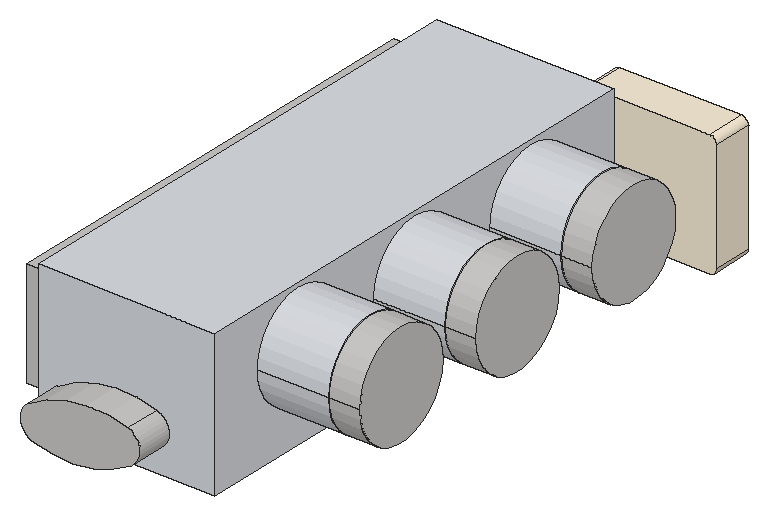
Revit family "HVAC_Ductwork_Airzone_Motorized-Plenum_Mitsubishi-Electric_Low-Profile_3-Dampers", category Mechanical Equipment, Revit 2016
Family settings
  Part Type = Normal
  Round Connector Dimension = Use Diameter
  OmniClass Number = 23.75.70.14
  OmniClass Title = Air Ductwork
  Work Plane-Based = No
  Always vertical = Yes
  Cut with Voids When Loaded = No
  Shared = No
  Room Calculation Point = No
Parameters (values of type "MELSL01S3")
  Voltage = 230 V
  URL = "www.airzone.es"
  Type Image Comments = "Image available in product documentation download"  # constant formula
  Revit Model Version = "1.0"  # constant formula
  Revit Model Author URL = "www.a3d.es"
  Revit Model Author = "A3D Consulting"  # constant formula
  Product Documentation Download URL = "http://doc.airzone.es/BIM/Easyzone/Mitsubishi_Electric-Airzone_motorized_plenum.zip"
  Product Comments = "Refer to technical documentation for further details"  # constant formula
  Power Factor = 1
  Neck Width = 663.600 mm
  Neck Length = 40.000 mm
  Neck Height = 153.600 mm
  Material = Metal - AIRZONE - Galvanized Sheet - Semi-polished
  Main Control Board Material = Plastic - AIRZONE - Smooth - Off-white
  Load Classification = Other
  Insulated Body Width = 255.000 mm  # constant formula
  Insulated Body Material = Metal -AIRZONE - Insulating Lining -Aluminum Finish
  Insulated Body Length = 720.000 mm  # constant formula
  Insulated Body Height = 210.000 mm  # constant formula
  Flow [instance] = Damper 3 Air Flow + Damper 2 Air Flow + Damper 1 Air Flow - Fresh Air Inlet 2 Flow - Fresh Air Inlet 1 Flow  # 900 m³/h
  Fresh Air Inlet 1 Flow [instance] = 0 m³/h
  Fresh Air Inlet 2 Flow [instance] = 0 m³/h
  Fresh Air Inlet Connection Width = 175.000 mm
  Fresh Air Inlet Connection Height = 75.000 mm
  Model = "MEISL01S3"
  Neck Side Offset = 28.200 mm
  Neck Bottom Offset = 30.200 mm
  Type Image = <None>
  Manufacturer = "AIRZONE"  # constant formula
  Main Control Board Depth = 57.000 mm  # constant formula
  Main Control Board Width = 195.000 mm  # constant formula
  Main Control Board Height = 180.000 mm  # constant formula
  Fixing = ""
  Disclaimer = "All information provided in this model is reviewed before being published. However, Airzone cannot guarantee this model is error-free, therefore users are strongly encouraged to check for technical documentation and updates"  # constant formula
  Description = "Airzone low profile motorized plenum with neck that mechanically adapts to the main ducted AC units of Mitsubishi Electric."
  Type Comments = ""
  Dampers Length = 149.000 mm  # constant formula
  Dampers Diameter = 150.000 mm  # constant formula
  Damper 1 Air Flow [instance] = 300 m³/h
  Damper 2 Air Flow [instance] = 300 m³/h
  Damper 3 Air Flow [instance] = 300 m³/h
  Fresh Air Inlet Connection Offset Height = 48.305 mm  # constant formula
  Compatible Accesories = ""
  Apparent Load = 57.5 VA
Reference planes
  plane 1 "Center (Front/Back)": y = 0
  plane 2 "Center (Elevation)": z = 0
  plane 3 "Center (Left/Right)": x = 0
  plane 4 "Neck Back": y = 331.8
  plane 5 "Neck Front": y = -331.8
  plane 6 "Neck Top": z = 76.8
  plane 7 "Neck Bottom": z = -76.8
  plane 8 "Left": x = 40
  plane 9 "Bottom": z = -107
  plane 10 "Top": z = 103
  plane 11 "Front": y = -360
  plane 12 "Back": y = 360
  plane 13 "Right": x = 295
  plane 14 "Dampers Front": x = 444
  plane 15 "Dampers Center (Elevation)": z = 23
  plane 16 "Damper3": y = -210
  plane 17 "Damper2": y = 0
  plane 18 "Damper1": y = 210
  plane 19 "Middle": y = 0
  plane 20 "FreshAir Center (Elevation)": z = -58.695
  plane 21 "FreshAir1": y = 412.5
  plane 22 "FreshAir2": y = -412.5
  plane 23 "Dampers Lining": x = 399
  plane 24 "FreshAir Vertical Axis": x = 142.04
  plane 25 "ConnectionBox Side": x = 249
  plane 26 "Main Control Board Center (Left/Right)": x = 346.5
Forms (mm)
  Extrusion 1, solid, material "Metal - AIRZONE - Galvanized Sheet - Semi-polished" <- "Material"
    sketch origin (0, 0, 0) x (0, 1, 0) y (0, 0, 1)
      loop
        line (-331.8, 76.8) -> (-331.8, -76.8) -> (331.8, -76.8) -> (331.8, 76.8) -> (-331.8, 76.8)
    from 0 to 40
  Extrusion 2, solid, material "Metal -AIRZONE - Insulating Lining -Aluminum Finish" <- "Insulated Body Material"
    sketch origin (40, 0, 0) x (0, 1, 0) y (0, 0, 1)
      loop
        line (-360, 103) -> (-360, -107) -> (360, -107) -> (360, 103) -> (-360, 103)
    from 0 to 255
  Extrusion 3, solid, material "Metal - AIRZONE - Galvanized Sheet - Semi-polished" <- "Material"
    sketch origin (295, 0, 0) x (0, 1, 0) y (0, 0, 1)
      loop
        circle (-210, 23) r 75
    from 104 to 149
  Extrusion 4, solid, material "Metal - AIRZONE - Galvanized Sheet - Semi-polished" <- "Material"
    sketch origin (295, 0, 0) x (0, 1, 0) y (0, 0, 1)
      loop
        circle (0, 23) r 75
    from 104 to 149
  Extrusion 5, solid, material "Metal - AIRZONE - Galvanized Sheet - Semi-polished" <- "Material"
    sketch origin (295, 0, 0) x (0, 1, 0) y (0, 0, 1)
      loop
        circle (210, 23) r 75
    from 104 to 149
  Extrusion 6, solid, material "Metal - AIRZONE - Galvanized Sheet - Semi-polished" <- "Material"
    sketch origin (0, -360, 0) x (0, 0, 1) y (1, 0, 0)
      loop
        arc (-26.141, 211.414) -> (-47.608, 228.315) -> (-72.312, 216.644) r 25.96
        arc (-72.312, 216.644) -> (-98.302, 146.808) -> (-90.849, 72.666) r 164.67
        arc (-90.849, 72.666) -> (-69.665, 55.799) -> (-44.994, 66.961) r 25.96
        arc (-44.994, 66.961) -> (-18.725, 136.99) -> (-26.141, 211.414) r 164.67
    from 0 to -52.5
  Extrusion 7, solid, material "Metal - AIRZONE - Galvanized Sheet - Semi-polished" <- "Material"
    sketch origin (0, 360, 0) x (0, 0, 1) y (1, 0, 0)
      loop
        arc (-26.141, 211.414) -> (-47.325, 228.281) -> (-71.996, 217.119) r 25.96
        arc (-71.996, 217.119) -> (-98.179, 147.74) -> (-91.267, 73.909) r 164.67
        arc (-91.267, 73.909) -> (-70.032, 55.847) -> (-44.678, 67.436) r 25.96
        arc (-44.678, 67.436) -> (-18.688, 137.272) -> (-26.141, 211.414) r 164.67
    from 0 to 52.5
  Extrusion 8, solid, material "Metal -AIRZONE - Insulating Lining -Aluminum Finish" <- "Insulated Body Material"
    sketch origin (295, 0, 0) x (0, 1, 0) y (0, 0, 1)
      loop
        circle (210, 23) r 75
    from 0 to 104
  Extrusion 9, solid, material "Metal -AIRZONE - Insulating Lining -Aluminum Finish" <- "Insulated Body Material"
    sketch origin (295, -260, 0) x (0, 1, 0) y (0, 0, 1)
      loop
        circle (260, 23) r 75
    from 0 to 104
  Extrusion 10, solid, material "Metal -AIRZONE - Insulating Lining -Aluminum Finish" <- "Insulated Body Material"
    sketch origin (295, -520, 0) x (0, 1, 0) y (0, 0, 1)
      loop
        circle (310, 23) r 75
    from 0 to 104
Lines and regions (mm)
  Masking region 1
    outline origin (0, 0, 0) x (1, 0, 0) y (0, 1, 0)
      loop
        line (40, 360) -> (40, -360) -> (295, -360) -> (295, 360) -> (40, 360)
  Masking region 2, detail levels medium+fine
    outline origin (0, 0, 0) x (1, 0, 0) y (0, 1, 0)
      loop
        line (0, 331.8) -> (0, -331.8) -> (40, -331.8) -> (40, 331.8) -> (0, 331.8)
  Masking region 3, detail levels medium+fine
    outline origin (0, 0, 0) x (1, 0, 0) y (0, 1, 0)
      loop
        line (295, -135) -> (295, -285) -> (444, -285) -> (444, -135) -> (295, -135)
  Masking region 4, detail levels medium+fine
    outline origin (0, 260, 0) x (1, 0, 0) y (0, 1, 0)
      loop
        line (295, -185) -> (295, -335) -> (444, -335) -> (444, -185) -> (295, -185)
  Masking region 5, detail levels medium+fine
    outline origin (0, 520, 0) x (1, 0, 0) y (0, 1, 0)
      loop
        line (295, -235) -> (295, -385) -> (444, -385) -> (444, -235) -> (295, -235)
  Masking region 6, detail levels medium+fine
    outline origin (0, 0, -58.695) x (1, 0, 0) y (0, 1, 0)
      loop
        line (54.54, 412.5) -> (54.54, 360) -> (229.54, 360) -> (229.54, 412.5) -> (54.54, 412.5)
  Masking region 7, detail levels medium+fine
    outline origin (0, 0, -58.695) x (1, 0, 0) y (0, 1, 0)
      loop
        line (54.54, -360) -> (54.54, -412.5) -> (229.54, -412.5) -> (229.54, -360) -> (54.54, -360)
  Masking region 8, detail levels medium+fine
    outline origin (0, 0, 103) x (0, -1, 0) y (1, 0, 0)
      loop
        line (-417, 249) -> (-360, 249) -> (-360, 444) -> (-417, 444) -> (-417, 249)
  symbolic lines, detail levels coarse
    curve 1: line (40, -360, 0) -> (295, 0, 0)
    curve 2: line (295, 0, 0) -> (40, 360, 0)
Dimensions and locks
  equal spacing: plane 4 "Neck Back", plane 1 "Center (Front/Back)", plane 5 "Neck Front"
  "Neck Width": plane 4 "Neck Back" to plane 5 "Neck Front"
  equal spacing: plane 6 "Neck Top", level, plane 7 "Neck Bottom"
  "Neck Height": plane 6 "Neck Top" to plane 7 "Neck Bottom"
  "Neck Length": plane 3 "Center (Left/Right)" to plane 8 "Left"
  "Neck Bottom Offset": plane 7 "Neck Bottom" to plane 9 "Bottom"
  "Insulated Body Height": plane 10 "Top" to plane 9 "Bottom"
  "Insulated Body Length": plane 12 "Back" to plane 11 "Front"
  "Insulated Body Width": plane 8 "Left" to plane 13 "Right"
  "Dampers Length": plane 13 "Right" to plane 14 "Dampers Front"
  plane 18 "Damper1" to plane 17 "Damper2" to plane 16 "Damper3" = 210.000 mm locked, 210.000 mm locked
  equal spacing: plane 12 "Back", plane 19 "Middle", plane 11 "Front"
  plane 8 "Left" to plane 13 "Right" = 255.000 mm
  "Fresh Air Inlet Connection Offset Height": plane 20 "FreshAir Center (Elevation)" to plane 9 "Bottom"
  locked: Extrusion 6 sketch curve to plane 9 "Bottom" at 56.47
  locked: Extrusion 6 sketch curve to plane 8 "Left" at 162.52
  locked: Extrusion 6 sketch curve to plane 8 "Left" at 41.56
  locked: Extrusion 6 sketch curve to plane 9 "Bottom" at 40.54
  locked: Extrusion 6 sketch curve to plane 8 "Left" at 118.3
  locked: plane 9 "Bottom" to Extrusion 6 sketch curve at 75.01
  locked: Extrusion 6 sketch curve to plane 8 "Left" at 85.78
  locked: Extrusion 6 sketch curve to plane 9 "Bottom" at 172.02
  locked: Extrusion 7 sketch curve to plane 8 "Left" at 162.52
  locked: Extrusion 7 sketch curve to plane 9 "Bottom" at 56.47
  locked: Extrusion 7 sketch curve to plane 9 "Bottom" at 40.54
  locked: Extrusion 7 sketch curve to plane 8 "Left" at 41.56
  locked: Extrusion 7 sketch curve to plane 8 "Left" at 85.78
  locked: Extrusion 7 sketch curve to plane 9 "Bottom" at 172.02
  locked: plane 9 "Bottom" to Extrusion 7 sketch curve at 75.01
  locked: Extrusion 7 sketch curve to plane 8 "Left" at 118.3
  "Neck Side Offset": plane 12 "Back" to plane 4 "Neck Back"
  equal spacing: plane 12 "Back", plane 17 "Damper2", plane 11 "Front"
  locked: plane 21 "FreshAir1" to plane 12 "Back" at 52.5
  plane 11 "Front" to plane 22 "FreshAir2" = 52.500 mm
  locked: connector elem to plane 24 "FreshAir Vertical Axis"  (x2)
  locked: plane 20 "FreshAir Center (Elevation)" to connector elem at 0
  locked: connector elem to plane 20 "FreshAir Center (Elevation)"
  locked: plane 23 "Dampers Lining" to plane 14 "Dampers Front" at 45
  locked: plane 8 "Left" to plane 24 "FreshAir Vertical Axis" at 102.04
  equal spacing: Masking region 3 sketch curve, plane 16 "Damper3", Masking region 3 sketch curve
  "Dampers Diameter": Masking region 3 sketch curve to Masking region 3 sketch curve
  equal spacing: Masking region 4 sketch curve, plane 17 "Damper2", Masking region 4 sketch curve
  "Dampers Diameter": Masking region 4 sketch curve to Masking region 4 sketch curve
  equal spacing: Masking region 5 sketch curve, plane 18 "Damper1", Masking region 5 sketch curve
  "Dampers Diameter": Masking region 5 sketch curve to Masking region 5 sketch curve
  equal spacing: Masking region 6 sketch curve, plane 24 "FreshAir Vertical Axis", Masking region 6 sketch curve
  "Fresh Air Inlet Connection Width": Masking region 6 sketch curve to Masking region 6 sketch curve
  equal spacing: Masking region 7 sketch curve, plane 24 "FreshAir Vertical Axis", Masking region 7 sketch curve
  "Fresh Air Inlet Connection Width": Masking region 7 sketch curve to Masking region 7 sketch curve
  "Main Control Board Depth": Masking region 8 sketch curve to plane 12 "Back"
  "Main Control Board Width": plane 25 "ConnectionBox Side" to plane 14 "Dampers Front"
  equal spacing: plane 25 "ConnectionBox Side", plane 26 "Main Control Board Center (Left/Right)", plane 14 "Dampers Front"
  locked: nested 1 to plane 10 "Top" at 10
  locked: plane 10 "Top" to plane 15 "Dampers Center (Elevation)" at 80
  "Dampers Diameter": diameter of Extrusion 3 sketch curve
  "Dampers Diameter": diameter of Extrusion 4 sketch curve
  "Dampers Diameter": diameter of Extrusion 5 sketch curve
  radius of Extrusion 7 sketch curve = 164.670 mm  (x2)
  radius of Extrusion 7 sketch curve = 25.960 mm  (x2)
  radius of Extrusion 6 sketch curve = 164.670 mm  (x2)
  radius of Extrusion 6 sketch curve = 25.960 mm  (x2)
  "Dampers Diameter": diameter of Extrusion 8 sketch curve
  "Dampers Diameter": diameter of Extrusion 9 sketch curve
  "Dampers Diameter": diameter of Extrusion 10 sketch curve
  aligned and locked: level to plane 2 "Center (Elevation)"
  aligned and locked: plane 5 "Neck Front" to Extrusion 1 sketch curve
  aligned and locked: Extrusion 1 sketch curve to plane 6 "Neck Top"
  aligned and locked: Extrusion 1 sketch curve to plane 4 "Neck Back"
  aligned and locked: plane 7 "Neck Bottom" to Extrusion 1 sketch curve
  aligned and locked: Extrusion 1 to plane 3 "Center (Left/Right)"
  aligned and locked: Extrusion 2 sketch curve to plane 10 "Top"
  aligned and locked: Extrusion 2 sketch curve to plane 12 "Back"
  aligned and locked: plane 9 "Bottom" to Extrusion 2 sketch curve
  aligned and locked: plane 11 "Front" to Extrusion 2 sketch curve
  aligned and locked: plane 13 "Right" to Extrusion 2
  aligned and locked: Extrusion 2 to plane 8 "Left"
  aligned and locked: plane 16 "Damper3" to Extrusion 3 sketch curve
  aligned and locked: plane 15 "Dampers Center (Elevation)" to Extrusion 3 sketch curve
  aligned and locked: plane 17 "Damper2" to Extrusion 4 sketch curve
  aligned and locked: plane 15 "Dampers Center (Elevation)" to Extrusion 4 sketch curve
  aligned and locked: plane 18 "Damper1" to Extrusion 5 sketch curve
  aligned and locked: plane 15 "Dampers Center (Elevation)" to Extrusion 5 sketch curve
  aligned and locked: plane 14 "Dampers Front" to Extrusion 5
  aligned and locked: plane 14 "Dampers Front" to Extrusion 4
  aligned and locked: plane 14 "Dampers Front" to Extrusion 3
  aligned and locked: plane 8 "Left" to Extrusion 1
  aligned and locked: plane 22 "FreshAir2" to Extrusion 6
  aligned and locked: plane 21 "FreshAir1" to Extrusion 7
  aligned and locked: Extrusion 7 to plane 12 "Back"
  aligned and locked: plane 11 "Front" to Extrusion 6
  aligned and locked: Extrusion 5 to plane 23 "Dampers Lining"
  aligned and locked: Extrusion 5 to Extrusion 4
  aligned and locked: Extrusion 4 to Extrusion 3
  aligned and locked: plane 23 "Dampers Lining" to Extrusion 8
  aligned and locked: Extrusion 10 to plane 13 "Right"
  aligned and locked: plane 23 "Dampers Lining" to Extrusion 10
  aligned and locked: Extrusion 9 to plane 13 "Right"
  aligned and locked: plane 23 "Dampers Lining" to Extrusion 9
  aligned and locked: Extrusion 8 to plane 13 "Right"
  aligned and locked: Extrusion 9 to Extrusion 8
  aligned and locked: plane 18 "Damper1" to Extrusion 8 sketch curve
  aligned and locked: plane 15 "Dampers Center (Elevation)" to Extrusion 8 sketch curve
  aligned and locked: plane 17 "Damper2" to Extrusion 9 sketch curve
  aligned and locked: plane 15 "Dampers Center (Elevation)" to Extrusion 9 sketch curve
  aligned and locked: plane 16 "Damper3" to Extrusion 10 sketch curve
  aligned and locked: plane 15 "Dampers Center (Elevation)" to Extrusion 10 sketch curve
  aligned and locked: Masking region 1 sketch curve to plane 12 "Back"
  aligned and locked: plane 8 "Left" to Masking region 1 sketch curve
  aligned and locked: Masking region 1 sketch curve to plane 13 "Right"
  aligned and locked: plane 11 "Front" to Masking region 1 sketch curve
  aligned and locked: plane 5 "Neck Front" to Masking region 2 sketch curve
  aligned and locked: plane 3 "Center (Left/Right)" to Masking region 2 sketch curve
  aligned and locked: Masking region 2 sketch curve to plane 4 "Neck Back"
  aligned and locked: Masking region 2 sketch curve to plane 8 "Left"
  aligned and locked: plane 13 "Right" to Masking region 3 sketch curve
  aligned and locked: Masking region 3 sketch curve to plane 14 "Dampers Front"
  aligned and locked: plane 13 "Right" to Masking region 4 sketch curve
  aligned and locked: Masking region 4 sketch curve to plane 14 "Dampers Front"
  aligned and locked: plane 13 "Right" to Masking region 5 sketch curve
  aligned and locked: Masking region 5 sketch curve to plane 14 "Dampers Front"
  aligned and locked: plane 12 "Back" to Masking region 6 sketch curve
  aligned and locked: Masking region 6 sketch curve to plane 21 "FreshAir1"
  aligned and locked: Masking region 7 sketch curve to plane 11 "Front"
  aligned and locked: Masking region 7 sketch curve to plane 22 "FreshAir2"
  aligned and locked: plane 12 "Back" to Masking region 8 sketch curve
  aligned and locked: Masking region 8 sketch curve to plane 14 "Dampers Front"
  aligned and locked: plane 25 "ConnectionBox Side" to Masking region 8 sketch curve
  aligned and locked: nested 1 to plane 26 "Main Control Board Center (Left/Right)"
Automatic sketch dimensions
  curve 2 to plane 8 "Left" = 0.000 mm
  curve 1 to plane 8 "Left" = 0.000 mm
  curve 1 to plane 13 "Right" = 0.000 mm
  curve 1 to plane 11 "Front" = 0.000 mm
  curve 2 to plane 17 "Damper2" = 0.000 mm
  curve 2 to plane 12 "Back" = 0.000 mm
Nested families
  nested 1: "Airzone_Main-Control-Board" at (346.5, 360, 3) x (-1, 0, 0) z (0, 1, 0), Extrusion <- "Main Control Board Depth", Height <- "Main Control Board Height", Width <- "Main Control Board Width", Material <- "Main Control Board Material", type "Standard"
    with Width 195.000 mm, Material Plastic - AIRZONE - Smooth - Off-white, Height 180.000 mm, Extrusion 57.000 mm
Connectors
  hvac at (444, -210, 23), driven by "Damper 3 Air Flow", driven by "Dampers Diameter"
    settings: on Extrusion 3, index 1, duct flow 300 m³/h, flow factor 0, pres drop 0.0 Pa, loss coef 0, conn angle 0.00°, conn width 304.8 mm, conn height 304.8 mm, conn diameter 150 mm, duct sys type 1, conn prof type 0, flow config 0, flow direction 2, loss method 0, conn ref index -1, conn util no, is conn primary no, conn desc "Supply Air Out 3"
  hvac at (444, 0, 23), driven by "Damper 2 Air Flow", driven by "Dampers Diameter"
    settings: on Extrusion 4, index 2, duct flow 300 m³/h, flow factor 0, pres drop 0.0 Pa, loss coef 0, conn angle 0.00°, conn width 304.8 mm, conn height 304.8 mm, conn diameter 150 mm, duct sys type 1, conn prof type 0, flow config 0, flow direction 2, loss method 0, conn ref index -1, conn util no, is conn primary no, conn desc "Supply Air Out 2"
  hvac at (444, 210, 23), driven by "Damper 1 Air Flow", driven by "Dampers Diameter"
    settings: on Extrusion 5, index 3, duct flow 300 m³/h, flow factor 0, pres drop 0.0 Pa, loss coef 0, conn angle 0.00°, conn width 304.8 mm, conn height 304.8 mm, conn diameter 150 mm, duct sys type 1, conn prof type 0, flow config 0, flow direction 2, loss method 0, conn ref index -1, conn util no, is conn primary no, conn desc "Supply Air Out 1"
  hvac at (0, 0, 0), driven by "Flow", driven by "Neck Height", driven by "Neck Width"
    settings: on Extrusion 1, index 6, duct flow 900 m³/h, flow factor 0, pres drop 0.0 Pa, loss coef 0, conn angle 0.00°, conn width 663.6 mm, conn height 153.6 mm, conn diameter 609.6 mm, duct sys type 1, conn prof type 1, flow config 1, flow direction 1, loss method 0, conn ref index -1, conn util no, is conn primary yes, conn desc "Supply Air In"
  hvac at (142.04, -412.5, -58.695), driven by "Fresh Air Inlet 2 Flow", driven by "Fresh Air Inlet Connection Width", driven by "Fresh Air Inlet Connection Height"
    settings: index 7, duct flow 0 m³/h, flow factor 0, pres drop 0.0 Pa, loss coef 0, conn angle 0.00°, conn width 175 mm, conn height 75 mm, conn diameter 609.6 mm, duct sys type 1, conn prof type 2, flow config 1, flow direction 1, loss method 0, conn ref index -1, conn util no, is conn primary no, conn desc "Fresh Air In 2"
  hvac at (142.04, 412.5, -58.695), driven by "Fresh Air Inlet 1 Flow", driven by "Fresh Air Inlet Connection Height", driven by "Fresh Air Inlet Connection Width"
    settings: index 8, duct flow 0 m³/h, flow factor 0, pres drop 0.0 Pa, loss coef 0, conn angle 0.00°, conn width 175 mm, conn height 75 mm, conn diameter 609.6 mm, duct sys type 1, conn prof type 2, flow config 1, flow direction 1, loss method 0, conn ref index -1, conn util no, is conn primary no, conn desc "Fresh Air In 1"
  electrical at (346.5, 417, 3), driven by "Load Classification", driven by "Voltage", driven by "Apparent Load", driven by "Power Factor"
    settings: on nested 1, index 9, voltage 230 V, apparent load 57.5 VA, apparent load phase1 0 VA, apparent load phase2 0 VA, apparent load phase3 0 VA, power factor 1, load classification "Other", number of poles 1, system type 30, power factor state 1, is connector primary yes, connector utility no, sub classification motor no, connector description "Power Supply"
Definition of nested family "Airzone_Main-Control-Board"
  Parameters (values of type "Standard")
    Width [instance] = 195.000 mm
    URL = "www.airzone.es"
    Revit Model Version = "1.0"  # constant formula
    Revit Model Author URL = "www.a3d.es"
    Revit Model Author = "A3D Consulting"  # constant formula
    Material [instance] = none
    Manufacturer = "AIRZONE"  # constant formula
    Height [instance] = 180.000 mm
    Extrusion [instance] = 57.000 mm
    Default Elevation = 0.000 mm
  Reference planes
    plane 1 "Center (Front/Back)": y = 0
    plane 2: z = 0
    plane 3 "Center (Left/Right)": x = 0
    plane 4: y = 90
    plane 5: y = -90
    plane 6: x = 97.5
    plane 7: x = -97.5
  Forms (mm)
    Extrusion 1, solid, material <- "Material"
      sketch origin (0, 0, 0) x (1, 0, 0) y (0, 1, 0)
        loop
          arc (-87.5, 90) -> (-94.571, 87.071) -> (-97.5, 80) r 10
          line (-97.5, 80) -> (-97.5, -80)
          arc (-97.5, -80) -> (-94.571, -87.071) -> (-87.5, -90) r 10
          line (-87.5, -90) -> (87.5, -90)
          arc (87.5, -90) -> (94.571, -87.071) -> (97.5, -80) r 10
          line (97.5, -80) -> (97.5, 80)
          arc (97.5, 80) -> (94.571, 87.071) -> (87.5, 90) r 10
          line (87.5, 90) -> (-87.5, 90)
      from 0 to 57 <- "Extrusion"
  Dimensions and locks
    equal spacing: plane 7, plane 3 "Center (Left/Right)", plane 6
    equal spacing: plane 4, plane 1 "Center (Front/Back)", plane 5
    "Width": plane 7 to plane 6
    "Height": plane 4 to plane 5
    radius of Extrusion 1 sketch curve = 10.000 mm  (x4)
    aligned and locked: level to plane 2
    aligned and locked: plane 5 to Extrusion 1 sketch curve
    aligned and locked: Extrusion 1 sketch curve to plane 6
    aligned and locked: Extrusion 1 sketch curve to plane 4
    aligned and locked: plane 7 to Extrusion 1 sketch curve
